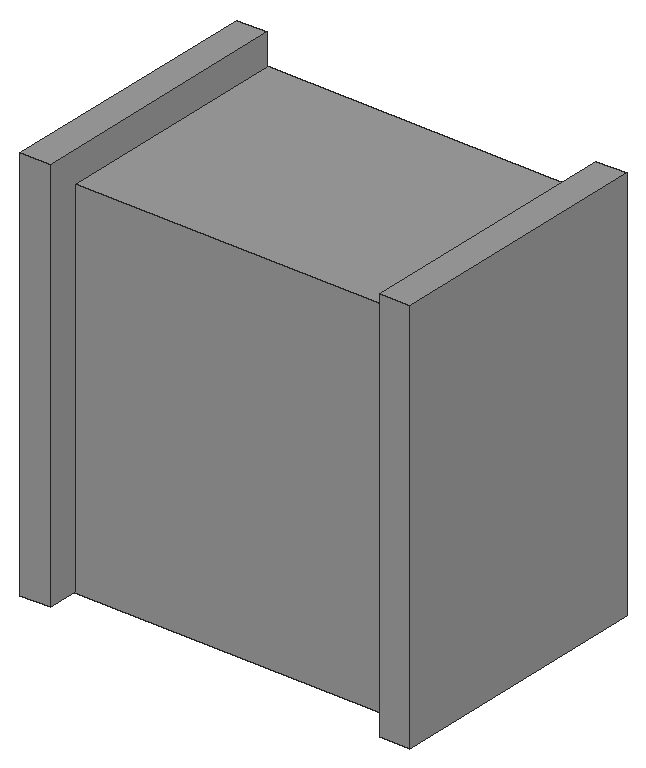
Revit family "jiaju1", category 家具, Revit 2025
Family settings
  OmniClass 编号 = 23.40.20.00
  OmniClass 标题 = General Furniture and Specialties
  基于工作平面 = 否
  视图中启用分割 = 否
  总是垂直 = 是
  载入时剪切的空心 = 否
  渲染外观源 = 族几何图形
  共享 = 否
  房间计算点 = 否
Parameters
  默认高程 = 0 mm
Reference planes
  plane 1 "中心(前/后)": y = 0
  plane 2: z = 0
  plane 3 "中心(左/右)": x = 0
  plane 4: x = 270
  plane 5: x = -270
  plane 6: y = 197
  plane 7: y = -197
  plane 8: x = -320
  plane 9: x = 320
  plane 10: y = -247
Forms (mm)
  Extrusion 1, solid, material "默认墙"
    sketch origin (0, 0, 0) x (1, 0, 0) y (0, 1, 0)
      loop
        line (-270, 197) -> (-270, -197) -> (270, -197) -> (270, 197) -> (-270, 197)
    from 0 to 600
  Extrusion 2, solid, material "默认墙"
    sketch origin (0, 0, 0) x (1, 0, 0) y (0, 1, 0)
      loop
        line (-320, 197) -> (-320, -247) -> (-270, -247) -> (-270, 197) -> (-320, 197)
      loop
        line (270, 197) -> (270, -247) -> (320, -247) -> (320, 197) -> (270, 197)
    from 0 to 650
Dimensions and locks
  aligned and locked: level to plane 2
